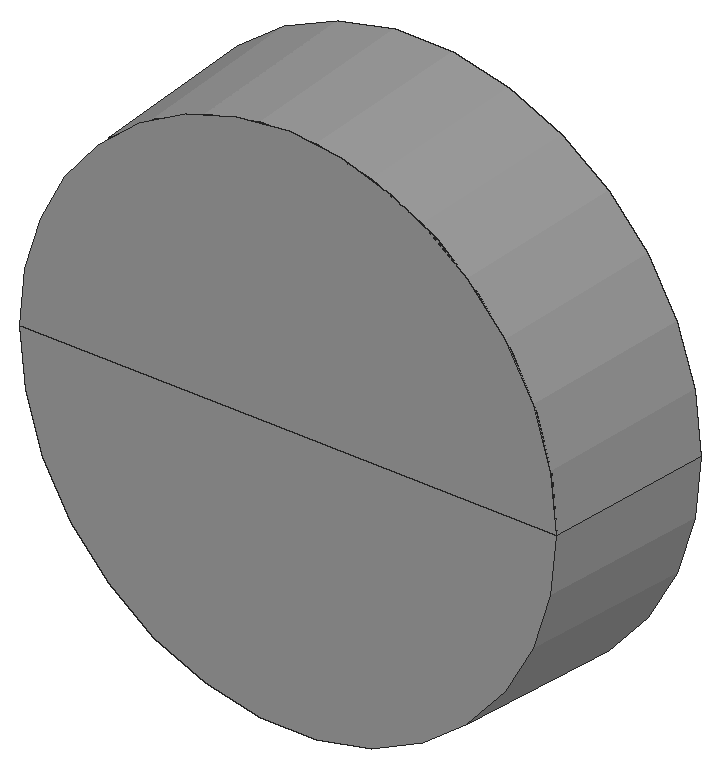
Revit family "2050-11", category Lighting Fixtures, Revit 2016
Family settings
  Part Type = Normal
  Round Connector Dimension = Use Diameter
  OmniClass Number = 23.80.70.00
  OmniClass Title = Lighting
  Work Plane-Based = No
  Always vertical = Yes
  Cut with Voids When Loaded = No
  Light Source = Yes
  Shared = No
  Room Calculation Point = No
Parameters
  Wattage = 12.1178 W
  built-in parameter 1150110 = 1 (stored number, unit not read)
  built-in parameter 1114217 = 1 (stored number, unit not read)
  built-in parameter 1150109 = 1 (stored number, unit not read)
  built-in parameter 1150134 = (empty or 0)
  built-in parameter 1150113 = 1 (stored number, unit not read)
  Lumens = 1800 lm
  built-in parameter 1150115 = 1 (stored number, unit not read)
  built-in parameter 1150105 = 143.24 (stored number, unit not read)
  Light Source Symbol Size = 2' - 0"
  built-in parameter 1150137 = (empty or 0)
  built-in parameter 1150139 = (empty or 0)
  built-in parameter 1150112 = 1 (stored number, unit not read)
  built-in parameter 1150114 = 1 (stored number, unit not read)
  built-in parameter 1150132 = 2
  built-in parameter 1150102 = (empty or 0)
  built-in parameter 1150138 = (empty or 0)
  built-in parameter 1150107 = 3000 (stored number, unit not read)
  built-in parameter 1150106 = 1.4324 (stored number, unit not read)
  built-in parameter 1150104 = 13.8 (stored number, unit not read)
  Dimming Lamp Color Temperature Shift = (empty or 0)
  Color Filter = 16777215
  built-in parameter 1114218 = 1 (stored number, unit not read)
  built-in parameter 1150133 = 10 (stored number, unit not read)
Reference planes (in)
  plane 1 "Light Source Axis (F/B)": y = 0
  plane 2: z = 0
  plane 3 "Light Source Axis (L/R)": x = 0
  plane 4 "Light Source Elevation": z = 0.02957
Forms (in)
  Revolve 1, solid
    sketch origin (0, 0, 0) x (1, 0, 0) y (0, 1, 0)
      loop
        line (0, 0) -> (0, 0.75) -> (-4.5, 0.75) -> (-4.5, 0) -> (0, 0)
      axis (0, 0) -> (0, 0.75)
    angle from 0 to 360
  Revolve 2, solid, material "Acrylic-Brownlee"
    sketch origin (0, 0, 0) x (1, 0, 0) y (0, 1, 0)
      loop
        line (0, 0) -> (-5.5, 0) -> (-5.32466, -3.34568) -> (0, -3.34568) -> (0, 0)
      axis (0, 0) -> (0, -3.34568)
    angle from 0 to 360
Dimensions and locks (in)
  aligned and locked: plane 4 "Light Source Elevation" to imposter light
  aligned and locked: level to plane 2
